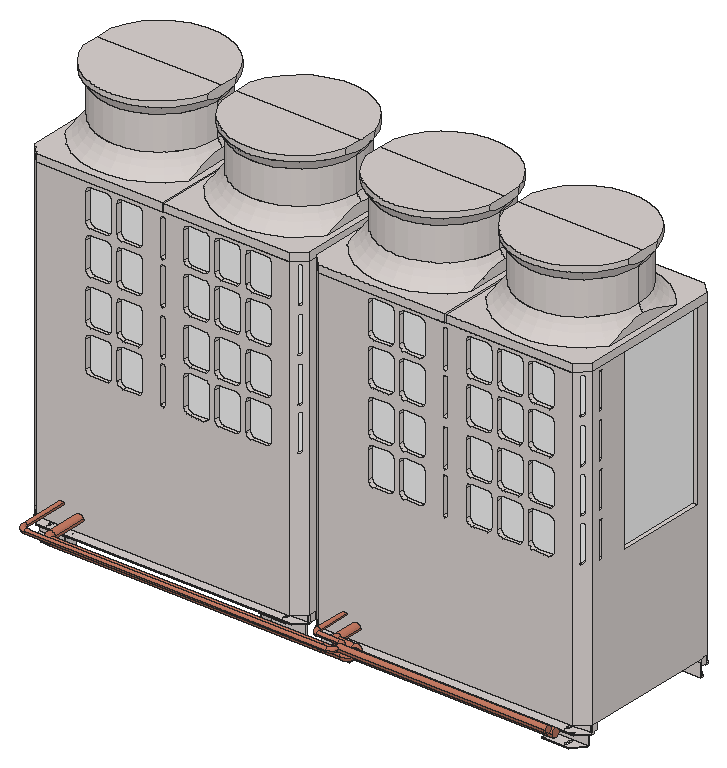
Revit family "PURY-EP750YSNW-A1", category 機械設備, Revit 2016 (continued)
Definition of nested family "PURY-EP350YNW-A1"
  Lines and regions (mm)
    model lines
      curve 52: line (-620, 235.7, 705) -> (-620, -162.3, 705)
      curve 53: line (-620, 176.7, 268) -> (-620, -103.3, 268)
      curve 54: line (-620, -103.3, 248) -> (-620, 176.7, 248)
      curve 55: arc (-620, 186.7, 258) -> (-620, 183.771, 265.071) -> (-620, 176.7, 268) r 10
      curve 56: arc (-620, 176.7, 248) -> (-620, 183.771, 250.929) -> (-620, 186.7, 258) r 10
      curve 57: arc (-620, -103.3, 268) -> (-620, -110.371, 265.071) -> (-620, -113.3, 258) r 10
      curve 58: arc (-620, -113.3, 258) -> (-620, -110.371, 250.929) -> (-620, -103.3, 248) r 10
      curve 59: line (-620, 176.7, 373) -> (-620, -103.3, 373)
      curve 60: line (-620, -103.3, 353) -> (-620, 176.7, 353)
      curve 61: arc (-620, 186.7, 363) -> (-620, 183.771, 370.071) -> (-620, 176.7, 373) r 10
      curve 62: arc (-620, 176.7, 353) -> (-620, 183.771, 355.929) -> (-620, 186.7, 363) r 10
      curve 63: arc (-620, -103.3, 373) -> (-620, -110.371, 370.071) -> (-620, -113.3, 363) r 10
      curve 64: arc (-620, -113.3, 363) -> (-620, -110.371, 355.929) -> (-620, -103.3, 353) r 10
      curve 65: line (-620, 176.7, 478) -> (-620, -103.3, 478)
      curve 66: line (-620, -103.3, 458) -> (-620, 176.7, 458)
      curve 67: arc (-620, 186.7, 468) -> (-620, 183.771, 475.071) -> (-620, 176.7, 478) r 10
      curve 68: arc (-620, 176.7, 458) -> (-620, 183.771, 460.929) -> (-620, 186.7, 468) r 10
      curve 69: arc (-620, -103.3, 478) -> (-620, -110.371, 475.071) -> (-620, -113.3, 468) r 10
      curve 70: arc (-620, -113.3, 468) -> (-620, -110.371, 460.929) -> (-620, -103.3, 458) r 10
      curve 71: line (-620, 176.7, 583) -> (-620, -103.3, 583)
      curve 72: line (-620, -103.3, 563) -> (-620, 176.7, 563)
      curve 73: arc (-620, 186.7, 573) -> (-620, 183.771, 580.071) -> (-620, 176.7, 583) r 10
      curve 74: arc (-620, 176.7, 563) -> (-620, 183.771, 565.929) -> (-620, 186.7, 573) r 10
      curve 75: arc (-620, -103.3, 583) -> (-620, -110.371, 580.071) -> (-620, -113.3, 573) r 10
      curve 76: arc (-620, -113.3, 573) -> (-620, -110.371, 565.929) -> (-620, -103.3, 563) r 10
      curve 77: line (-544, 370, 1521) -> (-544, 370, 95)
      curve 78: line (489, 370, 649) -> (30, 370, 649)
      curve 79: line (-30.5, 370, 649) -> (-544, 370, 649)
      curve 80: line (-147.25, 370, 584) -> (-427.25, 370, 584)
      curve 81: line (-427.25, 370, 564) -> (-147.25, 370, 564)
      curve 82: arc (-137.25, 370, 574) -> (-140.179, 370, 581.071) -> (-147.25, 370, 584) r 10
      curve 83: arc (-147.25, 370, 564) -> (-140.179, 370, 566.929) -> (-137.25, 370, 574) r 10
      curve 84: arc (-427.25, 370, 584) -> (-434.321, 370, 581.071) -> (-437.25, 370, 574) r 10
      curve 85: arc (-437.25, 370, 574) -> (-434.321, 370, 566.929) -> (-427.25, 370, 564) r 10
      curve 86: circle (448, -185, 1521) r 15 normal (0, 0, 1)
      curve 87: circle (468, -185, 95) r 26 normal (0, 0, 1)
      curve 88: circle (448, -260, 95) r 32.5 normal (0, 0, 1)
      curve 89: circle (404, -204, 95) r 17 normal (0, 0, 1)
      curve 90: line (-550, -370, 1521) -> (-550, -370, 95)
      curve 91: line (-550, -370, 716) -> (-30, -370, 716)
      curve 92: line (550, -370, 95) -> (550, -370, 1521)
      curve 93: line (30, -370, 716) -> (550, -370, 716)
      curve 94: line (-30.5, 370, 1521) -> (-30.5, 370, 95)
      curve 95: line (30, 370, 1521) -> (30, 370, 95)
      curve 96: line (489, 370, 1521) -> (489, 370, 95)
      curve 97: line (467, 370, 669) -> (467, 370, 649)
      curve 98: line (-352, -370, 223) -> (-550, -370, 223)
      curve 99: line (-342, -370, 213) -> (-342, -370, 95)
      curve 100: arc (-342, -370, 213) -> (-344.929, -370, 220.071) -> (-352, -370, 223) r 10
      curve 101: circle (488, -370, 160) r 32.5 normal (0, -1, 0)
      curve 102: circle (488, -370, 160) r 20 normal (0, -1, 0)
      curve 103: circle (364, -370, 150) r 17 normal (0, -1, 0)
      curve 104: circle (413, -370, 185) r 26 normal (0, -1, 0)
      curve 105: circle (413, -370, 185) r 13.5 normal (0, -1, 0)
      curve 106: line (352, -370, 223) -> (550, -370, 223)
      curve 107: line (342, -370, 213) -> (342, -370, 95)
      curve 108: arc (342, -370, 213) -> (344.929, -370, 220.071) -> (352, -370, 223) r 10
      curve 109: line (-147.25, 370, 479) -> (-427.25, 370, 479)
      curve 110: line (-427.25, 370, 459) -> (-147.25, 370, 459)
      curve 111: arc (-137.25, 370, 469) -> (-140.179, 370, 476.071) -> (-147.25, 370, 479) r 10
      curve 112: arc (-147.25, 370, 459) -> (-140.179, 370, 461.929) -> (-137.25, 370, 469) r 10
      curve 113: arc (-427.25, 370, 479) -> (-434.321, 370, 476.071) -> (-437.25, 370, 469) r 10
      curve 114: arc (-437.25, 370, 469) -> (-434.321, 370, 461.929) -> (-427.25, 370, 459) r 10
      curve 115: line (-147.25, 370, 374) -> (-427.25, 370, 374)
      curve 116: line (-427.25, 370, 354) -> (-147.25, 370, 354)
      curve 117: arc (-137.25, 370, 364) -> (-140.179, 370, 371.071) -> (-147.25, 370, 374) r 10
      curve 118: arc (-147.25, 370, 354) -> (-140.179, 370, 356.929) -> (-137.25, 370, 364) r 10
      curve 119: arc (-427.25, 370, 374) -> (-434.321, 370, 371.071) -> (-437.25, 370, 364) r 10
      curve 120: arc (-437.25, 370, 364) -> (-434.321, 370, 356.929) -> (-427.25, 370, 354) r 10
      curve 121: line (-147.25, 370, 269) -> (-427.25, 370, 269)
      curve 122: line (-427.25, 370, 249) -> (-147.25, 370, 249)
      curve 123: arc (-137.25, 370, 259) -> (-140.179, 370, 266.071) -> (-147.25, 370, 269) r 10
      curve 124: arc (-147.25, 370, 249) -> (-140.179, 370, 251.929) -> (-137.25, 370, 259) r 10
      curve 125: arc (-427.25, 370, 269) -> (-434.321, 370, 266.071) -> (-437.25, 370, 259) r 10
      curve 126: arc (-437.25, 370, 259) -> (-434.321, 370, 251.929) -> (-427.25, 370, 249) r 10
      curve 127: line (399.5, 370, 584) -> (119.5, 370, 584)
      curve 128: line (119.5, 370, 564) -> (399.5, 370, 564)
      curve 129: arc (409.5, 370, 574) -> (406.571, 370, 581.071) -> (399.5, 370, 584) r 10
      curve 130: arc (399.5, 370, 564) -> (406.571, 370, 566.929) -> (409.5, 370, 574) r 10
      curve 131: arc (119.5, 370, 584) -> (112.429, 370, 581.071) -> (109.5, 370, 574) r 10
      curve 132: arc (109.5, 370, 574) -> (112.429, 370, 566.929) -> (119.5, 370, 564) r 10
      curve 133: line (399.5, 370, 479) -> (119.5, 370, 479)
      curve 134: line (119.5, 370, 459) -> (399.5, 370, 459)
      curve 135: arc (409.5, 370, 469) -> (406.571, 370, 476.071) -> (399.5, 370, 479) r 10
      curve 136: arc (399.5, 370, 459) -> (406.571, 370, 461.929) -> (409.5, 370, 469) r 10
      curve 137: arc (119.5, 370, 479) -> (112.429, 370, 476.071) -> (109.5, 370, 469) r 10
      curve 138: arc (109.5, 370, 469) -> (112.429, 370, 461.929) -> (119.5, 370, 459) r 10
      curve 139: line (399.5, 370, 374) -> (119.5, 370, 374)
      curve 140: line (119.5, 370, 354) -> (399.5, 370, 354)
      curve 141: arc (409.5, 370, 364) -> (406.571, 370, 371.071) -> (399.5, 370, 374) r 10
      curve 142: arc (399.5, 370, 354) -> (406.571, 370, 356.929) -> (409.5, 370, 364) r 10
      curve 143: arc (119.5, 370, 374) -> (112.429, 370, 371.071) -> (109.5, 370, 364) r 10
      curve 144: arc (109.5, 370, 364) -> (112.429, 370, 356.929) -> (119.5, 370, 354) r 10
      curve 145: line (399.5, 370, 269) -> (119.5, 370, 269)
      curve 146: line (119.5, 370, 249) -> (399.5, 370, 249)
      curve 147: arc (409.5, 370, 259) -> (406.571, 370, 266.071) -> (399.5, 370, 269) r 10
      curve 148: arc (399.5, 370, 249) -> (406.571, 370, 251.929) -> (409.5, 370, 259) r 10
      curve 149: arc (119.5, 370, 269) -> (112.429, 370, 266.071) -> (109.5, 370, 259) r 10
      curve 150: arc (109.5, 370, 259) -> (112.429, 370, 251.929) -> (119.5, 370, 249) r 10
      curve 151: line (399.5, -370, 584) -> (119.5, -370, 584)
      curve 152: line (119.5, -370, 564) -> (399.5, -370, 564)
      curve 153: arc (409.5, -370, 574) -> (406.571, -370, 581.071) -> (399.5, -370, 584) r 10
      curve 154: arc (399.5, -370, 564) -> (406.571, -370, 566.929) -> (409.5, -370, 574) r 10
      curve 155: arc (119.5, -370, 584) -> (112.429, -370, 581.071) -> (109.5, -370, 574) r 10
      curve 156: arc (109.5, -370, 574) -> (112.429, -370, 566.929) -> (119.5, -370, 564) r 10
      curve 157: line (399.5, -370, 479) -> (119.5, -370, 479)
      curve 158: line (119.5, -370, 459) -> (399.5, -370, 459)
      curve 159: arc (409.5, -370, 469) -> (406.571, -370, 476.071) -> (399.5, -370, 479) r 10
      curve 160: arc (399.5, -370, 459) -> (406.571, -370, 461.929) -> (409.5, -370, 469) r 10
      curve 161: arc (119.5, -370, 479) -> (112.429, -370, 476.071) -> (109.5, -370, 469) r 10
      curve 162: arc (109.5, -370, 469) -> (112.429, -370, 461.929) -> (119.5, -370, 459) r 10
      curve 163: line (399.5, -370, 374) -> (119.5, -370, 374)
      curve 164: line (119.5, -370, 354) -> (399.5, -370, 354)
      curve 165: arc (409.5, -370, 364) -> (406.571, -370, 371.071) -> (399.5, -370, 374) r 10
      curve 166: arc (399.5, -370, 354) -> (406.571, -370, 356.929) -> (409.5, -370, 364) r 10
      curve 167: arc (119.5, -370, 374) -> (112.429, -370, 371.071) -> (109.5, -370, 364) r 10
      curve 168: arc (109.5, -370, 364) -> (112.429, -370, 356.929) -> (119.5, -370, 354) r 10
      curve 169: arc (119.5, -370, 269) -> (112.429, -370, 266.071) -> (109.5, -370, 259) r 10
      curve 170: arc (109.5, -370, 259) -> (112.429, -370, 251.929) -> (119.5, -370, 249) r 10
      curve 171: line (-147.25, -370, 584) -> (-427.25, -370, 584)
      curve 172: line (-427.25, -370, 564) -> (-147.25, -370, 564)
      curve 173: arc (-137.25, -370, 574) -> (-140.179, -370, 581.071) -> (-147.25, -370, 584) r 10
      curve 174: arc (-147.25, -370, 564) -> (-140.179, -370, 566.929) -> (-137.25, -370, 574) r 10
      curve 175: arc (-427.25, -370, 584) -> (-434.321, -370, 581.071) -> (-437.25, -370, 574) r 10
      curve 176: arc (-437.25, -370, 574) -> (-434.321, -370, 566.929) -> (-427.25, -370, 564) r 10
      curve 177: line (-147.25, -370, 479) -> (-427.25, -370, 479)
      curve 178: line (-427.25, -370, 459) -> (-147.25, -370, 459)
      curve 179: arc (-137.25, -370, 469) -> (-140.179, -370, 476.071) -> (-147.25, -370, 479) r 10
      curve 180: arc (-147.25, -370, 459) -> (-140.179, -370, 461.929) -> (-137.25, -370, 469) r 10
      curve 181: arc (-427.25, -370, 479) -> (-434.321, -370, 476.071) -> (-437.25, -370, 469) r 10
      curve 182: arc (-437.25, -370, 469) -> (-434.321, -370, 461.929) -> (-427.25, -370, 459) r 10
      curve 183: line (-147.25, -370, 374) -> (-427.25, -370, 374)
      curve 184: line (-427.25, -370, 354) -> (-147.25, -370, 354)
      curve 185: arc (-137.25, -370, 364) -> (-140.179, -370, 371.071) -> (-147.25, -370, 374) r 10
      curve 186: arc (-147.25, -370, 354) -> (-140.179, -370, 356.929) -> (-137.25, -370, 364) r 10
      curve 187: arc (-427.25, -370, 374) -> (-434.321, -370, 371.071) -> (-437.25, -370, 364) r 10
      curve 188: arc (-437.25, -370, 364) -> (-434.321, -370, 356.929) -> (-427.25, -370, 354) r 10
      curve 189: line (-147.25, -370, 269) -> (-262.25, -370, 269)
      curve 190: line (-262.25, -370, 249) -> (-147.25, -370, 249)
      curve 191: arc (-137.25, -370, 259) -> (-140.179, -370, 266.071) -> (-147.25, -370, 269) r 10
      curve 192: arc (-147.25, -370, 249) -> (-140.179, -370, 251.929) -> (-137.25, -370, 259) r 10
      curve 193: arc (-262.25, -370, 269) -> (-269.321, -370, 266.071) -> (-272.25, -370, 259) r 10
      curve 194: arc (-272.25, -370, 259) -> (-269.321, -370, 251.929) -> (-262.25, -370, 249) r 10
      curve 195: line (234.5, -370, 269) -> (119.5, -370, 269)
      curve 196: line (119.5, -370, 249) -> (234.5, -370, 249)
      curve 197: arc (244.5, -370, 259) -> (241.571, -370, 266.071) -> (234.5, -370, 269) r 10
      curve 198: arc (234.5, -370, 249) -> (241.571, -370, 251.929) -> (244.5, -370, 259) r 10
  Dimensions and locks
    nested 2 to nested 2 = 303.000 mm
    cut or joined group 1 (Extrusion 1, Extrusion 2, Extrusion 3, Extrusion 4, Extrusion 5, Extrusion 6, Extrusion 7, Extrusion 8, Extrusion 9, Extrusion 10, Extrusion 11, Extrusion 12, Extrusion 13, Extrusion 14, Extrusion 15, Extrusion 16, Extrusion 17, Extrusion 18, Extrusion 19, Extrusion 20, Extrusion 21, Extrusion 22, Extrusion 23, Extrusion 24, Extrusion 25, Extrusion 26, Extrusion 27, Extrusion 28, Extrusion 29, Extrusion 30, Extrusion 31, Extrusion 32, Extrusion 33) to cut or joined group 1 = 1240.000 mm
    Extrusion 2 sketch curve to Extrusion 2 sketch curve = 116.800 mm
    Extrusion 2 sketch curve to Extrusion 2 sketch curve = 170.800 mm
    Extrusion 3 sketch curve to Extrusion 3 sketch curve = 116.800 mm
    Extrusion 3 sketch curve to Extrusion 3 sketch curve = 170.800 mm
    Extrusion 4 sketch curve to Extrusion 4 sketch curve = 116.800 mm
    Extrusion 4 sketch curve to Extrusion 4 sketch curve = 170.800 mm
    Extrusion 5 sketch curve to Extrusion 5 sketch curve = 116.800 mm
    Extrusion 5 sketch curve to Extrusion 5 sketch curve = 170.800 mm
    Extrusion 6 sketch curve to Extrusion 6 sketch curve = 116.800 mm
    Extrusion 6 sketch curve to Extrusion 6 sketch curve = 170.800 mm
    Extrusion 7 sketch curve to Extrusion 7 sketch curve = 116.800 mm
    Extrusion 7 sketch curve to Extrusion 7 sketch curve = 170.800 mm
    Extrusion 8 sketch curve to Extrusion 8 sketch curve = 116.800 mm
    Extrusion 8 sketch curve to Extrusion 8 sketch curve = 170.800 mm
    Extrusion 9 sketch curve to Extrusion 9 sketch curve = 116.800 mm
    Extrusion 9 sketch curve to Extrusion 9 sketch curve = 170.800 mm
    cut or joined group 1 to cut or joined group 1 = 50.000 mm  (x2)
    Extrusion 10 sketch curve to Extrusion 10 sketch curve = 116.800 mm
    Extrusion 10 sketch curve to Extrusion 10 sketch curve = 170.800 mm
    Extrusion 11 sketch curve to Extrusion 11 sketch curve = 116.800 mm
    Extrusion 11 sketch curve to Extrusion 11 sketch curve = 170.800 mm
    Extrusion 12 sketch curve to Extrusion 12 sketch curve = 116.800 mm
    Extrusion 12 sketch curve to Extrusion 12 sketch curve = 170.800 mm
    Extrusion 13 sketch curve to Extrusion 13 sketch curve = 116.800 mm
    Extrusion 13 sketch curve to Extrusion 13 sketch curve = 170.800 mm
    Extrusion 14 sketch curve to Extrusion 14 sketch curve = 116.800 mm
    Extrusion 14 sketch curve to Extrusion 14 sketch curve = 170.800 mm
    Extrusion 15 sketch curve to Extrusion 15 sketch curve = 116.800 mm
    Extrusion 15 sketch curve to Extrusion 15 sketch curve = 170.800 mm
    Extrusion 16 sketch curve to Extrusion 16 sketch curve = 116.800 mm
    Extrusion 16 sketch curve to Extrusion 16 sketch curve = 170.800 mm
    Extrusion 17 sketch curve to Extrusion 17 sketch curve = 116.800 mm
    Extrusion 17 sketch curve to Extrusion 17 sketch curve = 170.800 mm
    Extrusion 18 sketch curve to Extrusion 18 sketch curve = 116.800 mm
    Extrusion 18 sketch curve to Extrusion 18 sketch curve = 170.800 mm
    Extrusion 19 sketch curve to Extrusion 19 sketch curve = 116.800 mm
    Extrusion 19 sketch curve to Extrusion 19 sketch curve = 170.800 mm
    Extrusion 20 sketch curve to Extrusion 20 sketch curve = 116.800 mm
    Extrusion 20 sketch curve to Extrusion 20 sketch curve = 170.800 mm
    Extrusion 21 sketch curve to Extrusion 21 sketch curve = 116.800 mm
    Extrusion 21 sketch curve to Extrusion 21 sketch curve = 170.800 mm
    plane 3 "Center (Left/Right)" to cut or joined group 1 = 620.000 mm
    cut or joined group 1 to plane 3 "Center (Left/Right)" = 620.000 mm
    Extrusion 1 sketch curve to Extrusion 1 sketch curve = 1240.000 mm
    cut or joined group 1 to plane 8 = 185.000 mm
    cut or joined group 1 to plane 7 = 166.000 mm
    cut or joined group 1 to plane 6 = 110.000 mm
    cut or joined group 1 to plane 12 to cut or joined group 1 = 805.000 mm, 621.000 mm
    plane 5 to plane 2 = 1858.000 mm  (x2)
    cut or joined group 1 to plane 19 "132" = 132.000 mm
    cut or joined group 1 to plane 22 = 207.000 mm
    cut or joined group 1 to plane 23 = 256.000 mm
    cut or joined group 1 to plane 6 = 60.000 mm
    cut or joined group 1 to cut or joined group 1 = 42.154 mm
    cut or joined group 1 to cut or joined group 1 = 11.895 mm
    nested 1 to nested 3 to level = 1798.000 mm, 60.000 mm
    nested 1 to nested 1 = 303.000 mm
    nested 1 to nested 3 = 1495.000 mm
    nested 8 to nested 8 to nested 8 to nested 7 to nested 7 to nested 7 = 54.000 mm, 20.000 mm, 592.000 mm, 20.000 mm, 54.000 mm
    nested 3 to nested 3 = 56.000 mm
    plane 11 to plane 31 to plane 32 to cut or joined group 1 = 90.000 mm, 1060.000 mm, 90.000 mm
    curve 103 to nested 7 = 90.000 mm
    curve 104 to nested 7 = 125.000 mm
    curve 101 to nested 7 = 100.000 mm
    curve 11 to curve 13 to nested 7 = 84.000 mm, 71.000 mm
    cut or joined group 1 to curve 12 to curve 14 = 125.000 mm, 148.000 mm
    nested 2 to nested 7 = 1495.000 mm
    curve 87 to cut or joined group 1 = 152.000 mm
    curve 88 to cut or joined group 1 = 172.000 mm
    curve 89 to cut or joined group 1 = 216.000 mm
    cut or joined group 1 to curve 4 to curve 2 = 128.000 mm, 150.000 mm
    cut or joined group 1 to curve 1 to curve 3 = 79.000 mm, 94.000 mm
    Extrusion 32 sketch curve to nested 7 = 116.000 mm
    cut or joined group 1 to Extrusion 32 sketch curve = 160.000 mm
    cut or joined group 1 to Extrusion 33 sketch curve = 243.000 mm
    Extrusion 33 sketch curve to nested 7 = 116.000 mm
    cut or joined group 1 to cut or joined group 1 = 740.000 mm
    plane 30 to plane 4 = 740.000 mm
    aligned and locked: level to plane 2
    aligned and locked: Extrusion 1 to plane 4
  Nested families
    nested 1: "FAN GUARD" at (-311.5, 2, 860), type "FAN GUARD"
      with WIDTH 870.000 mm
    nested 2: "FAN GUARD" at (311.5, 2, 860) x (-1, 0, 0) z (0, 0, 1), type "FAN GUARD"
      with WIDTH 870.000 mm
    nested 3: "ATTACHMENT LEG" at (-524, -349, 0), type "ATTACHMENT LEG"
    nested 4: "ATTACHMENT LEG" at (-524, 349, 0), type "ATTACHMENT LEG"
    nested 5: "ATTACHMENT LEG" at (524, -349, 0) x (-1, 0, 0) z (0, 0, 1), type "ATTACHMENT LEG"
    nested 6: "ATTACHMENT LEG" at (524, 349, 0) x (-1, 0, 0) z (0, 0, 1), type "ATTACHMENT LEG"
    nested 7: "BASE LEG_L_" at (0, -352, 60), type "BASE LEG_L_"
      with Width 1240.000 mm
    nested 8: "BASE LEG_L_" at (0, 352, 60), type "BASE LEG_L_"
      with Width 1240.000 mm
  Connectors
    piping at (-460, -191, 176), diameter 25.4, driven by "Liquid pipe_radius"
      settings: on cut or joined group 1, index 3, connector inside diameter 25.4 mm, connector length 0.000 mm, flow factor 0, pipe flow 0.0 L/s, pressure drop 0.0 Pa, fitting loss kfactor 0, connector angle 0.00°, fixture units 0, engagement length 0.000 mm, angle of deflection 0.00°, flow configuration 0, flow direction 0, fitting loss method 0, system type 22, joint type 0, gender type 0, connector reference index -1, connector utility 0, adjustable connector no, is connector primary yes, connector description "Refrigerant service valve<Liquid pipe>"
    piping at (-377, -191, 176), diameter 28.58, driven by "Gas pipe_radius"
      settings: on cut or joined group 1, index 4, connector inside diameter 28.58 mm, connector length 0.000 mm, flow factor 0, pipe flow 0.0 L/s, pressure drop 0.0 Pa, fitting loss kfactor 0, connector angle 0.00°, fixture units 0, engagement length 0.000 mm, angle of deflection 0.00°, flow configuration 0, flow direction 0, fitting loss method 0, system type 22, joint type 0, gender type 0, connector reference index -1, connector utility 0, adjustable connector no, is connector primary no, connector description "Refrigerant service valve<Gas>"
    electrical at (0, -370, 808)
      settings: on cut or joined group 1, index 5, voltage 0 V, apparent load 0 VA, apparent load phase1 0 VA, apparent load phase2 0 VA, apparent load phase3 0 VA, power factor 1, load classification none, number of poles 1, system type 30, power factor state 1, is connector primary yes, connector utility no, sub classification motor no, connector description ""
  Definition of nested family "FAN GUARD"
    Parameters
      WIDTH [instance] = 870.000 mm
    Reference planes
      plane 1 "中心(正面/背面)": y = -2
      plane 2: z = 0
      plane 3 "ファンガード基準面": z = 661
      plane 4: y = 368
      plane 5: x = 366
      plane 6: x = -375
      plane 7 "ファンガード基準上面": z = 695
      plane 8 "ファンガード上面": z = 998
      plane 9: x = -273.971
      plane 10: x = 308.5
      plane 11: x = -308.5
      plane 12: x = 0
    Forms (mm)
      Extrusion 1, solid
        sketch origin (85, 0, 661) x (-1, 0, 0) y (0, -1, 0)
          loop
            line (343.5, -368) -> (393.5, -318) -> (393.5, 322) -> (343.5, 372) -> (-223.5, 372) -> (-223.5, -368) -> (343.5, -368)
        from 0 to 34
      Revolve 2, solid
        sketch origin (0, -2, 0) x (1, 0, 0) y (0, 0, 1)
          loop
            line (0, 695) -> (0, 998) -> (-290, 998) -> (-290, 972.327) -> (-260, 928.372) -> (-260, 777.384)
            arc (-260, 777.384) -> (-290.651, 730.137) -> (-334.665, 695) r 175.882
            line (-334.665, 695) -> (0, 695)
          axis (0, 998) -> (0, 695)
        angle from 0 to 360
      Extrusion 3, void
        sketch origin (-840, 75, 695) x (-1, 0, 0) y (0, -1, 0)
          loop
            line (-410, -165) -> (-410, 315) -> (-561.253, 315) -> (-561.253, -165) -> (-410, -165)
        from -35 to 430.592
      Extrusion 4, void
        sketch origin (840, 75, 695) x (1, 0, 0) y (0, 1, 0)
          loop
            line (-410, 165) -> (-561.253, 165) -> (-561.253, -315) -> (-410, -315) -> (-410, 165)
        from 0 to 430.592
    Cuts and joins
      Extrusion 3, Extrusion 4 cuts Revolve 2
      Extrusion 4 cuts Extrusion 1
    Lines and regions (mm)
      model lines
        curve 1: line (-278.747, 0, 998) -> (-80, 0, 998)
        curve 2: line (80, 0, 998) -> (278.747, 0, 998)
        curve 3: circle (0, 0, 998) r 80 normal (0, 0, 1)
        curve 4: line (-278.747, -80, 998) -> (278.747, -80, 998)
        curve 5: line (-241.868, -160, 998) -> (241.868, -160, 998)
        curve 6: line (-162.788, -240, 998) -> (162.788, -240, 998)
        curve 7: line (-278.747, 80, 998) -> (278.747, 80, 998)
        curve 8: line (-241.868, 160, 998) -> (240, 160, 998)
        curve 9: line (-160, 240, 998) -> (162.788, 240, 998)
        curve 10: line (0, 290, 998) -> (0, -290, 998)
        curve 11: line (-20, 289.31, 998) -> (-20, -289.31, 998)
        curve 12: line (-40, 287.228, 998) -> (-40, -287.228, 998)
        curve 13: line (-60, 283.725, 998) -> (-60, -283.725, 998)
        curve 14: line (-80, 278.747, 998) -> (-80, -278.747, 998)
        curve 15: line (20, 289.31, 998) -> (20, -289.31, 998)
        curve 16: line (40, 287.228, 998) -> (40, -287.228, 998)
        curve 17: line (60, 283.725, 998) -> (60, -283.725, 998)
        curve 18: line (80, 278.747, 998) -> (80, -278.747, 998)
        curve 19: line (100, 272.213, 998) -> (100, -272.213, 998)
        curve 20: line (120, 264.008, 998) -> (120, -264.008, 998)
        curve 21: line (140, 253.969, 998) -> (140, -253.969, 998)
        curve 22: line (160, 241.868, 998) -> (160, -243.132, 998)
        curve 23: line (180, 227.376, 998) -> (180, -227.624, 998)
        curve 24: line (200, 210, 998) -> (200, -210, 998)
        curve 25: line (220, 188.944, 998) -> (220, -188.944, 998)
        curve 26: line (240, 160, 998) -> (240, -162.788, 998)
        curve 27: line (260, 128.452, 998) -> (260, -128.452, 998)
        curve 28: line (-100, 272.213, 998) -> (-100, -272.213, 998)
        curve 29: line (-120, 264.008, 998) -> (-120, -264.008, 998)
        curve 30: line (-140, 253.969, 998) -> (-140, -253.969, 998)
        curve 31: line (-160, 240, 998) -> (-160, -241.868, 998)
        curve 32: line (-180, 227.376, 998) -> (-180, -227.376, 998)
        curve 33: line (-200, 210, 998) -> (-200, -210, 998)
        curve 34: line (-220, 188.944, 998) -> (-220, -188.944, 998)
        curve 35: line (-240, 162.788, 998) -> (-240, -162.788, 998)
        curve 36: line (-260, 128.452, 998) -> (-260, -128.452, 998)
        curve 37: line (10, 79.373, 998) -> (10, -79.373, 998)
        curve 38: line (-10, 79.373, 998) -> (-10, -79.373, 998)
        curve 39: line (30, 74.162, 998) -> (30, -74.162, 998)
        curve 40: line (50, 62.45, 998) -> (50, -62.45, 998)
        curve 41: line (70, 38.73, 998) -> (70, -38.73, 998)
        curve 42: line (-30, 74.162, 998) -> (-30, -74.162, 998)
        curve 43: line (-50, 62.45, 998) -> (-50, -62.45, 998)
        curve 44: line (-70, 38.73, 998) -> (-70, -38.73, 998)
    Dimensions and locks
      locked: plane 8 "ファンガード上面" to plane 7 "ファンガード基準上面" at 303
      plane 8 "ファンガード上面" to plane 3 "ファンガード基準面" = 337.000 mm
      Revolve 2 sketch curve to Revolve 2 sketch curve = 290.000 mm
      Extrusion 1 sketch curve to Extrusion 1 sketch curve = 740.000 mm
      equal spacing: Extrusion 1 sketch curve, plane 1 "中心(正面/背面)", Extrusion 1 sketch curve
      plane 6 to plane 5 = 741.000 mm
      Extrusion 1 sketch curve to Extrusion 1 sketch curve = 617.000 mm
      plane 11 to plane 10 = 617.000 mm
      cut or joined group of Extrusion 1, Extrusion 4 to cut or joined group of Extrusion 1, Extrusion 4 = 617.000 mm
      cut or joined group of Extrusion 1, Extrusion 4 to cut or joined group of Extrusion 1, Extrusion 4 = 740.000 mm
      aligned and locked: level to plane 2
      aligned and locked: plane 7 "ファンガード基準上面" to Extrusion 1
      aligned and locked: plane 3 "ファンガード基準面" to Extrusion 1
      aligned and locked: cut or joined group of Revolve 2, Extrusion 3, Extrusion 4 to plane 8 "ファンガード上面"
  Definition of nested family "ATTACHMENT LEG"
    Parameters
      Width = 145.000 mm
    Reference planes
      plane 1: z = 0
      plane 2 "中心(左/右)": x = -6
      plane 3: x = -52
      plane 4: x = 85
      plane 5: x = 93
      plane 6: y = -21
      plane 7: y = 27
      plane 8: x = -30
      plane 9: y = 39
      plane 10: z = 60
      plane 11: z = 57
      plane 12: z = 3
      plane 13: x = 82
      plane 14: y = 36
      plane 15: x = -75
      plane 16: y = 31
      plane 17 "幅": x = 93
      plane 18: y = 2.5
      plane 19: y = 21
      plane 20: y = -10
    Forms (mm)
      Extrusion 1, solid
        sketch origin (0, -1, 0) x (1, 0, 0) y (0, 1, 0)
          loop
            line (-75, 36) -> (-75, 27) -> (-28, -20) -> (93, -20) -> (93, 32) -> (85, 32) -> (85, 36) -> (-75, 36)
        from 0 to 60
      Extrusion 2, void
        sketch origin (0, -3, 0) x (1, 0, 0) y (0, 0, 1)
          loop
            line (-75, 57) -> (-75, 3) -> (82, 3) -> (82, 57) -> (-75, 57)
          loop
            line (93, 57) -> (85, 57) -> (85, 3) -> (93, 3) -> (93, 57)
        from -35 to 18
      Extrusion 3, void
        sketch origin (-6, 5.5, 0) x (1, 0, 0) y (0, 1, 0)
          loop
            arc (-7, -8.5) -> (0, -15.5) -> (7, -8.5) r 7
            line (7, -8.5) -> (7, 8.5)
            arc (7, 8.5) -> (0, 15.5) -> (-7, 8.5) r 7
            line (-7, 8.5) -> (-7, -8.5)
        from 0 to 60
    Cuts and joins
      Extrusion 2, Extrusion 3 cuts Extrusion 1
    Dimensions and locks
      locked: plane 3 to plane 4 at 137
      locked: plane 3 to plane 5 at 145
      plane 6 to plane 7 = 48.000 mm
      locked: plane 10 to level at 60
      Extrusion 3 sketch curve to plane 2 "中心(左/右)" = 7.000 mm
      locked: plane 15 to plane 2 "中心(左/右)" at 69
      locked: plane 15 to plane 8 at 45
      locked: plane 6 to plane 18 at 23.5
      cut or joined group of Extrusion 1, Extrusion 2, Extrusion 3 to cut or joined group of Extrusion 1, Extrusion 2, Extrusion 3 = 168.000 mm
      cut or joined group of Extrusion 1, Extrusion 2, Extrusion 3 to cut or joined group of Extrusion 1, Extrusion 2, Extrusion 3 = 56.000 mm  (x2)
      plane 14 to plane 6 = 57.000 mm
      aligned and locked: level to plane 1
      aligned and locked: Extrusion 1 sketch curve to plane 4
      aligned and locked: Extrusion 1 sketch curve to plane 5
      aligned: plane 8 to Extrusion 1 sketch curve
      aligned and locked: plane 10 to Extrusion 1
      aligned and locked: Extrusion 2 sketch curve to plane 11
      aligned: plane 3 to Extrusion 2 sketch curve
      aligned and locked: plane 12 to Extrusion 2 sketch curve
      aligned and locked: Extrusion 2 sketch curve to plane 13
      aligned and locked: plane 6 to Extrusion 2
      aligned and locked: plane 11 to Extrusion 2 sketch curve
      aligned and locked: plane 5 to Extrusion 2 sketch curve
      aligned and locked: Extrusion 2 sketch curve to plane 12
      aligned and locked: Extrusion 2 sketch curve to plane 4
      aligned and locked: plane 15 to Extrusion 1 sketch curve
      aligned and locked: Extrusion 2 sketch curve to cut or joined group of Extrusion 1, Extrusion 2, Extrusion 3
      aligned and locked: Extrusion 1 to plane 16
  Definition of nested family "BASE LEG_L_"
    Parameters
      Width [instance] = 1240.000 mm
    Reference planes
      plane 1 "中心(正面/背面)": y = 0
      plane 2: z = 0
      plane 3 "中心(左/右)": x = 0
      plane 4: x = 620
      plane 5: x = -620
      plane 6: x = -530
      plane 7: x = 530
      plane 8: y = -18
      plane 9: y = 39
      plane 10: z = 53
      plane 11: y = 42
      plane 12: y = 27
      plane 13: x = 575
      plane 14: x = -575
      plane 15: z = 8
      plane 16: y = 11.5
      plane 17: z = 35
    Forms (mm)
      Extrusion 1, solid
        sketch origin (0, 0, 0) x (0, 1, 0) y (0, 0, 1)
          loop
            line (-18, 0) -> (36, 0) -> (36, 32) -> (56, 32) -> (56, 35) -> (33, 35) -> (33, 3) -> (-18, 3) -> (-18, 0)
        from -620 to 620
      Extrusion 2, void
        sketch origin (0, 0, 0) x (1, 0, 0) y (0, 1, 0)
          loop
            line (575, -18) -> (620, -18) -> (620, 27) -> (575, -18)
          loop
            line (-575, -18) -> (-620, 27) -> (-620, -18) -> (-575, -18)
        from 0 to 250
      Extrusion 3, void
        sketch origin (0, 12.023, 0) x (1, 0, 0) y (0, 1, 0)
          loop
            arc (523, -2.971) -> (530, -9.971) -> (537, -2.971) r 7
            line (537, -2.971) -> (537, 3.023)
            arc (537, 3.023) -> (530, 10.023) -> (523, 3.023) r 7
            line (523, 3.023) -> (523, -2.971)
          loop
            line (-523, -2.971) -> (-523, 3.023)
            arc (-523, 3.023) -> (-530, 10.023) -> (-537, 3.023) r 7
            line (-537, 3.023) -> (-537, -2.971)
            arc (-537, -2.971) -> (-530, -9.971) -> (-523, -2.971) r 7
        from 0 to 250
      Extrusion 4, solid
        sketch origin (0, 0, -3) x (1, 0, 0) y (0, 0, 1)
          loop
            line (617, 8) -> (620, 8) -> (620, 35) -> (617, 35) -> (617, 8)
          loop
            line (-617, 8) -> (-617, 35) -> (-620, 35) -> (-620, 8) -> (-617, 8)
        from -36 to -56
      Extrusion 5, solid
        sketch origin (150, 352, 0) x (1, 0, 0) y (0, 1, 0)
          loop
            line (460, -319) -> (455, -319) -> (455, -320) -> (405, -370) -> (410, -370) -> (460, -320) -> (460, -319)
        from 3 to 35
      Extrusion 6, void
        sketch origin (560, -18, 0) x (0.707107, 0.707107, 0) y (0, 0, 1)
          loop
            line (70.711, 3) -> (-6.741, 39.767) -> (-6.741, 3) -> (70.711, 3)
        from -190.256 to 23.776
      Extrusion 7, solid
        sketch origin (-150, 352, 0) x (-1, 0, 0) y (0, -1, 0)
          loop
            line (460, 319) -> (460, 320) -> (410, 370) -> (405, 370) -> (455, 320) -> (455, 319) -> (460, 319)
        from 3 to 35
      Extrusion 8, void
        sketch origin (-560, -18, 0) x (0.707107, -0.707107, 0) y (0, 0, -1)
          loop
            line (-70.711, -3) -> (0, -35) -> (6.741, -35) -> (6.741, -3) -> (-70.711, -3)
        from -190.256 to 23.776
    Cuts and joins
      Extrusion 2, Extrusion 3 cuts Extrusion 1
      joined: Extrusion 1, Extrusion 4
      Extrusion 8 cuts Extrusion 7
      Extrusion 6 cuts Extrusion 5
    Dimensions and locks
      "Width": plane 5 to plane 4
      equal spacing: plane 5, plane 3 "中心(左/右)", plane 4
      locked: plane 5 to plane 6 at 90
      locked: plane 7 to plane 4 at 90
      locked: plane 8 to plane 9 at 57
      locked: plane 10 to level at 53
      locked: plane 9 to plane 11 at 3
      plane 8 to plane 12 = 45.000 mm
      locked: plane 13 to plane 4 at 45
      locked: plane 5 to plane 14 at 45
      equal spacing: Extrusion 3 sketch curve, plane 7, Extrusion 3 sketch curve
      equal spacing: Extrusion 3 sketch curve, plane 6, Extrusion 3 sketch curve
      locked: plane 10 to plane 15 at 45
      locked: cut or joined group of Extrusion 1, Extrusion 2, Extrusion 3, Extrusion 4 to Extrusion 4 sketch curve at 3  (x2)
      locked: plane 8 to plane 16 at 29.5
      plane 8 to plane 11 = 60.000 mm
      cut or joined group of Extrusion 1, Extrusion 2, Extrusion 3, Extrusion 4 to cut or joined group of Extrusion 1, Extrusion 2, Extrusion 3, Extrusion 4 = 35.000 mm
      aligned and locked: level to plane 2
      aligned and locked: plane 8 to Extrusion 1 sketch curve
      aligned and locked: plane 4 to Extrusion 1
      aligned and locked: Extrusion 1 to plane 5
      aligned and locked: Extrusion 2 sketch curve to plane 4
      aligned and locked: Extrusion 2 sketch curve to plane 8
      aligned and locked: plane 12 to Extrusion 2 sketch curve
      aligned and locked: plane 13 to Extrusion 2 sketch curve
      aligned and locked: plane 4 to Extrusion 4 sketch curve
      aligned and locked: plane 5 to Extrusion 4 sketch curve
      aligned and locked: cut or joined group of Extrusion 7, Extrusion 8 to cut or joined group of Extrusion 1, Extrusion 2, Extrusion 3, Extrusion 4
    Automatic sketch dimensions
      Extrusion 3 sketch curve to plane 1 "中心(正面/背面)" = 9.052 mm  (x2)
      Extrusion 3 sketch curve to plane 7 = 7.000 mm
      Extrusion 3 sketch curve to plane 1 "中心(正面/背面)" = 15.046 mm  (x2)
      Extrusion 3 sketch curve to plane 6 = 7.000 mm
      Extrusion 2 sketch curve to plane 5 = 0.000 mm
      plane 8 to Extrusion 2 sketch curve = 0.000 mm
      Extrusion 2 sketch curve to plane 14 = 0.000 mm
      plane 12 to Extrusion 2 sketch curve = 0.000 mm
      Extrusion 4 sketch curve to plane 10 = 21.000 mm
      plane 7 to Extrusion 5 sketch curve = 25.000 mm
      Extrusion 5 sketch curve to Extrusion 5 sketch curve = 5.000 mm  (x2)
      plane 7 to Extrusion 5 sketch curve = 75.000 mm
      plane 8 to Extrusion 5 sketch curve = 0.000 mm
      Extrusion 5 sketch curve to Extrusion 5 sketch curve = 50.000 mm
      Extrusion 5 sketch curve to Extrusion 5 sketch curve = 0.000 mm
      Extrusion 5 sketch curve to Extrusion 5 sketch curve = 1.000 mm
      Extrusion 6 sketch curve to Extrusion 5 = 0.000 mm  (x2)
      Extrusion 6 sketch curve to Extrusion 5 = 6.741 mm
      Extrusion 6 sketch curve to Extrusion 5 = 4.767 mm
      plane 6 to Extrusion 7 sketch curve = 25.000 mm
      Extrusion 7 sketch curve to Extrusion 7 sketch curve = 5.000 mm  (x2)
      Extrusion 7 sketch curve to Extrusion 7 sketch curve = 45.000 mm
      Extrusion 7 sketch curve to plane 8 = 0.000 mm
      Extrusion 7 sketch curve to Extrusion 7 sketch curve = 50.000 mm
      Extrusion 7 sketch curve to Extrusion 7 sketch curve = 0.000 mm
      Extrusion 7 sketch curve to Extrusion 7 sketch curve = 1.000 mm
      Extrusion 8 sketch curve to Extrusion 7 = 0.000 mm  (x2)
      Extrusion 7 to Extrusion 8 sketch curve = 0.000 mm  (x2)
      Extrusion 7 to Extrusion 8 sketch curve = 6.741 mm
      Extrusion 4 sketch curve to plane 17 = 3.000 mm
      Extrusion 4 sketch curve to plane 15 = 3.000 mm  (x2)
      Extrusion 1 sketch curve to plane 17 = 0.000 mm
      Extrusion 1 sketch curve to level = 0.000 mm
      level to Extrusion 1 sketch curve = 3.000 mm
      plane 9 to Extrusion 1 sketch curve = 6.000 mm
      plane 9 to Extrusion 1 sketch curve = 3.000 mm
      Extrusion 1 sketch curve to plane 17 = 3.000 mm
      Extrusion 1 sketch curve to plane 11 = 14.000 mm
Types (6, lengths in mm): name | Voltage | InstallationDate | Hertz | Heating Rated Load Ampacity (A) | Heating Current Input (Nominal) (A) | Heating Current Input (A) | Equip_description | Equip_ID | Description | CreatedOn | CreatedBy | Cooling Rated Load Ampacity (A) | Cooling Current Input (A) | Category | Barcode | AssetIdentifier
  PURY-EP750YSNW-A1_380V_50Hz | 380 V | "" | 50 Hz | 42.7 | 35.7 | 42.7 | "" | "" | "" | "" | "" | 39.6 | 39.6 | "" | "" | ""
  PURY-EP750YSNW-A1_380V_60Hz | 380 V | "0" | 60 Hz | 42.7 | 35.7 | 42.7 | "0" | "0" | "0" | "0" | "0" | 39.6 | 39.6 | "0" | "0" | "0"
  PURY-EP750YSNW-A1_400V_50Hz | 400 V | "0" | 50 Hz | 40.6 | 33.9 | 40.6 | "0" | "0" | "0" | "0" | "0" | 37.6 | 37.6 | "0" | "0" | "0"
  PURY-EP750YSNW-A1_400V_60Hz | 400 V | "0" | 60 Hz | 40.6 | 33.9 | 40.6 | "0" | "0" | "0" | "0" | "0" | 37.6 | 37.6 | "0" | "0" | "0"
  PURY-EP750YSNW-A1_415V_50Hz | 415 V | "0" | 50 Hz | 39.1 | 32.7 | 39.1 | "0" | "0" | "0" | "0" | "0" | 36.2 | 36.2 | "0" | "0" | "0"
  PURY-EP750YSNW-A1_415V_60Hz | 415 V | "0" | 60 Hz | 39.1 | 32.7 | 39.1 | "0" | "0" | "0" | "0" | "0" | 36.2 | 36.2 | "0" | "0" | "0"
